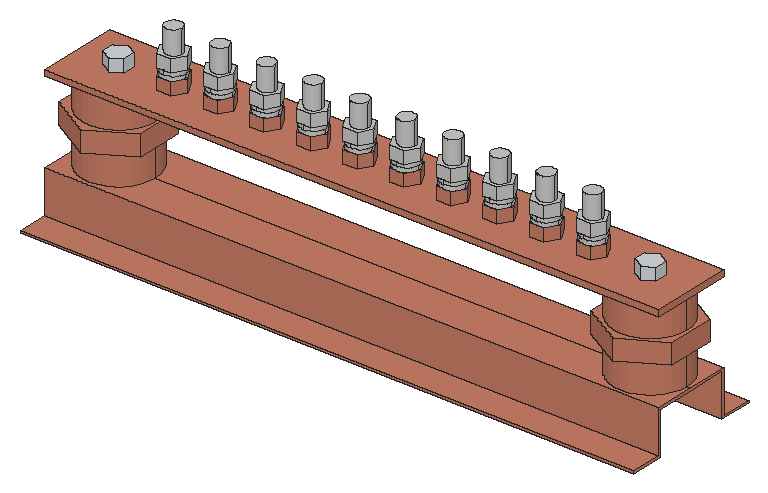
Revit family "FA_ГлавнаяЗаземпляющаяШина_10_88981_EZETEK", category Системы пожарной сигнализации, Revit 2017
Family settings
  Сохранять ориентацию аннотаций = Нет
  Размер круглого соединителя = Использовать радиус
  Тип детали = Нормальный
  На основе рабочей плоскости = Нет
  Всегда вертикально = Да
  При загрузке вырезать с полостями = Нет
  Общий = Нет
  Точка расчета площади = Нет
Parameters (values of type "ГлавнаяЗаземпляющаяШина_10_88981")
  Описание = "ГЗШ 10 подключений 300х40х4 мм, медь.\r\n\r\nГлавная заземляющая шина выполнена из меди, имеет габариты 40х4 мм, закрепляется на пластиковых изоляторах. Главная заземляющая шина объединяет нулевые защитные и нулевые рабочие совмещенные проводники питающей линии; выводы контура заземления; заземляющие проводники; проводники системы уравнивания потенциалов. Для присоединения проводников используются болты и гайки из нержавеющей стали. Главная заземляющая шина рассчитана на максимальный длительный ток 630 А.\r\n\r\nПодходит для шкафа на 300 мм."  # constant formula
  Производитель_Контакты = "ezetek@ezetek.ru"  # constant formula
  КолПодключений = 10
  Изготовитель = "Ezetek"  # constant formula
  Группа модели = "ГЗШ и шкафы ГЗШ"  # constant formula
  l = 22.8 mm
  URL = "https://ezetek.ru/"
  L = 260 mm
  ADSK_Этаж [instance] = ""
  ADSK_Размер_Длина = 300 mm
  ADSK_Примечание [instance] = ""
  ADSK_Позиция [instance] = ""
  ADSK_Обозначение = "88981"
  ADSK_Наименование краткое [instance] = "ГЗШ 10"
  ADSK_Наименование = "ГЗШ 10 подключений 300х40х4 мм, медь"
  ADSK_Материал = BIMLIB_Медь_EZETEK
  ADSK_Масса_Текст = "0.91"
  ADSK_Масса = 0.91
  ADSK_Марка = "88981"
  ADSK_Количество = 1  # constant formula
  ADSK_Код изделия = "88981"
  ADSK_Завод-изготовитель = "Ezetek"  # constant formula
  ADSK_Единица измерения = "шт."  # constant formula
  ADSK_Группирование [instance] = ""
  ADSK_Версия Revit = "2017"  # constant formula
  20 = yes
Reference planes
  plane 1 "По центру (Вперед/Назад)": y = 0
  plane 2: z = 0
  plane 3 "По центру (Влево/Вправо)": x = 0
  plane 4: x = -130
  plane 5: x = -150
  plane 6: x = 130
  plane 7: x = 150
  plane 8: y = 20
  plane 9: y = -20
  plane 10: z = 22
  plane 11: z = 62
  plane 12: z = 65
  plane 13: z = 92
  plane 14: y = 35
  plane 15: y = -35
  plane 16: z = 42
  plane 17: z = 37
  plane 18: z = 47
  plane 19: z = 71
Forms (mm)
  Extrusion 1, solid, material "BIMLIB_Медь_EZETEK" <- "ADSK_Материал", detail levels fine
    sketch origin (0, 0, 0) x (0, 1, 0) y (0, 0, 1)
      loop
        line (35, 0) -> (35, 1) -> (20, 1) -> (20, 22) -> (0, 22) -> (-20, 22) -> (-20, 1) -> (-35, 1) -> (-35, 0) -> (-19, 0) -> (-19, 21) -> (0, 21) -> (19, 21) -> (19, 0) -> (35, 0)
    from 150 to -150
  Extrusion 2, solid, material "BIMLIB_Медь_EZETEK" <- "ADSK_Материал", detail levels fine
    sketch origin (0, 0, 0) x (1, 0, 0) y (0, 1, 0)
      loop
        circle (-130, 0) r 18.032
      loop
        circle (130, 0) r 18.032
    from 62 to 22
  Extrusion 3, solid, material "BIMLIB_Медь_EZETEK" <- "ADSK_Материал", detail levels fine
    sketch origin (0, 0, 0) x (1, 0, 0) y (0, 1, 0)
      loop
        line (-150, 20) -> (-150, -20) -> (150, -20) -> (150, 20) -> (-150, 20)
    from 65 to 62
  Extrusion 4, solid, detail levels fine
    sketch origin (130, -130, 0) x (0, -1, 0) y (1, 0, 0)
      loop
        line (-136, 0) -> (-133, -5.196) -> (-127, -5.196) -> (-124, 0) -> (-127, 5.196) -> (-133, 5.196) -> (-136, 0)
    from 71 to 65
  Extrusion 5, solid, detail levels fine
    sketch origin (-130, 130, 0) x (0, 1, 0) y (-1, 0, 0)
      loop
        line (-124, 0) -> (-127, 5.196) -> (-133, 5.196) -> (-136, 0) -> (-133, -5.196) -> (-127, -5.196) -> (-124, 0)
    from 71 to 65
  Extrusion 6, solid, detail levels fine
    sketch origin (130, -130, 0) x (0, -1, 0) y (1, 0, 0)
      loop
        line (-136, 0) -> (-133, -5.196) -> (-127, -5.196) -> (-124, 0) -> (-127, 5.196) -> (-133, 5.196) -> (-136, 0)
    from 71 to 65
  Extrusion 7, solid, detail levels fine
    sketch origin (0, 0, 0) x (1, 0, 0) y (0, 1, 0)
      loop
        line (-130, 6) -> (-135.196, 3) -> (-135.196, -3) -> (-130, -6) -> (-124.804, -3) -> (-124.804, 3) -> (-130, 6)
    from 21 to 16
  Extrusion 8, solid, not visible, detail levels fine
    sketch origin (0, 0, 0) x (1, 0, 0) y (0, 1, 0)
      loop
        line (-130, 6) -> (-135.196, 3) -> (-135.196, -3) -> (-130, -6) -> (-124.804, -3) -> (-124.804, 3) -> (-130, 6)
    from 21 to 16
  Extrusion 9, solid, detail levels fine
    sketch origin (0, 0, 0) x (-1, 0, 0) y (0, -1, 0)
      loop
        line (-130, -6) -> (-124.804, -3) -> (-124.804, 3) -> (-130, 6) -> (-135.196, 3) -> (-135.196, -3) -> (-130, -6)
    from 21 to 16
  Extrusion 10, solid, material "BIMLIB_Медь_EZETEK" <- "ADSK_Материал", detail levels fine
    sketch origin (0, 0, 0) x (1, 0, 0) y (0, 1, 0)
      loop
        line (-130, 23) -> (-149.919, 11.5) -> (-149.919, -11.5) -> (-130, -23) -> (-110.081, -11.5) -> (-110.081, 11.5) -> (-130, 23)
    from 47 to 37
  Extrusion 11, solid, material "BIMLIB_Медь_EZETEK" <- "ADSK_Материал", not visible, detail levels fine
    sketch origin (0, 0, 0) x (1, 0, 0) y (0, 1, 0)
      loop
        line (-130, 23) -> (-149.919, 11.5) -> (-149.919, -11.5) -> (-130, -23) -> (-110.081, -11.5) -> (-110.081, 11.5) -> (-130, 23)
    from 47 to 37
  Extrusion 12, solid, material "BIMLIB_Медь_EZETEK" <- "ADSK_Материал", detail levels fine
    sketch origin (0, 0, 0) x (-1, 0, 0) y (0, -1, 0)
      loop
        line (-130, -23) -> (-110.081, -11.5) -> (-110.081, 11.5) -> (-130, 23) -> (-149.919, 11.5) -> (-149.919, -11.5) -> (-130, -23)
    from 47 to 37
  Extrusion 13, solid, material "BIMLIB_Сталь_Нержавеющая_EZETEK", visible <- "20", detail levels fine
    sketch origin (-103.058, 0, 0) x (1, 0, 0) y (0, 1, 0)
      loop
        circle (0, 0) r 4
    from 92 to 65
  Extrusion 14, solid, material "BIMLIB_Медь_EZETEK" <- "ADSK_Материал", visible <- "20", detail levels fine
    sketch origin (-103.058, 0, 0) x (1, 0, 0) y (0, 1, 0)
      loop
        line (3.441, -5.96) -> (6.881, 0) -> (3.441, 5.96) -> (-3.441, 5.96) -> (-6.881, 0) -> (-3.441, -5.96) -> (3.441, -5.96)
    from 62 to 56
  Extrusion 15, solid, material "BIMLIB_Медь_EZETEK" <- "ADSK_Материал", visible <- "20", detail levels fine
    sketch origin (-103.058, 0, 130) x (0, -1, 0) y (1, 0, 0)
      loop
        line (5.96, 3.441) -> (0, 6.881) -> (-5.96, 3.441) -> (-5.96, -3.441) -> (0, -6.881) -> (5.96, -3.441) -> (5.96, 3.441)
    from -59 to -65
  Extrusion 16, solid, material "BIMLIB_Сталь_Нержавеющая_EZETEK", visible <- "20", detail levels fine
    sketch origin (-103.058, 0, 130) x (0, -1, 0) y (1, 0, 0)
      loop
        line (5.96, 3.441) -> (0, 6.881) -> (-5.96, 3.441) -> (-5.96, -3.441) -> (0, -6.881) -> (5.96, -3.441) -> (5.96, 3.441)
    from -55 to -49
  Extrusion 17, solid, material "BIMLIB_Сталь_Нержавеющая_EZETEK", visible <- "20", detail levels fine
    sketch origin (-103.058, 0, 0) x (1, 0, 0) y (0, 1, 0)
      loop
        circle (0, 0) r 5.954
    from 73 to 71
  Extrusion 18, solid, material "BIMLIB_Сталь_Нержавеющая_EZETEK", visible <- "20", detail levels fine
    sketch origin (-103.058, 0, 146) x (0, -1, 0) y (1, 0, 0)
      loop
        circle (0, 0) r 5.954
    from -71 to -73
  Extrusion 19, solid, not visible, detail levels fine
    sketch origin (232.5, 130, 84) x (1, 0, 0) y (0, 1, 0)
      loop
        line (12, -136) -> (9, -130.804) -> (3, -130.804) -> (0, -136) -> (3, -141.196) -> (9, -141.196) -> (12, -136)
    from 71 to 65
  Extrusion 20, solid, material "BIMLIB_Сталь_Нержавеющая_EZETEK", visible <- "20", not visible, detail levels fine
    sketch origin (-205.558, 0, 0) x (1, 0, 0) y (0, 1, 0)
      loop
        circle (0, 0) r 4
    from 92 to 65
  Extrusion 21, solid, material "BIMLIB_Медь_EZETEK" <- "ADSK_Материал", visible <- "20", not visible, detail levels fine
    sketch origin (-205.558, 0, 0) x (1, 0, 0) y (0, 1, 0)
      loop
        line (3.441, -5.96) -> (6.881, 0) -> (3.441, 5.96) -> (-3.441, 5.96) -> (-6.881, 0) -> (-3.441, -5.96) -> (3.441, -5.96)
    from 62 to 56
  Extrusion 22, solid, material "BIMLIB_Медь_EZETEK" <- "ADSK_Материал", visible <- "20", not visible, detail levels fine
    sketch origin (-205.558, 0, 130) x (0, -1, 0) y (1, 0, 0)
      loop
        line (5.96, 3.441) -> (0, 6.881) -> (-5.96, 3.441) -> (-5.96, -3.441) -> (0, -6.881) -> (5.96, -3.441) -> (5.96, 3.441)
    from -59 to -65
  Extrusion 23, solid, material "BIMLIB_Сталь_Нержавеющая_EZETEK", visible <- "20", not visible, detail levels fine
    sketch origin (-205.558, 0, 130) x (0, -1, 0) y (1, 0, 0)
      loop
        line (5.96, 3.441) -> (0, 6.881) -> (-5.96, 3.441) -> (-5.96, -3.441) -> (0, -6.881) -> (5.96, -3.441) -> (5.96, 3.441)
    from -55 to -49
  Extrusion 24, solid, material "BIMLIB_Сталь_Нержавеющая_EZETEK", visible <- "20", not visible, detail levels fine
    sketch origin (-205.558, 0, 0) x (1, 0, 0) y (0, 1, 0)
      loop
        circle (0, 0) r 5.954
    from 73 to 71
  Extrusion 25, solid, material "BIMLIB_Сталь_Нержавеющая_EZETEK", visible <- "20", not visible, detail levels fine
    sketch origin (-205.558, 0, 146) x (0, -1, 0) y (1, 0, 0)
      loop
        circle (0, 0) r 5.954
    from -71 to -73
  Extrusion 26, solid, material "BIMLIB_Сталь_Нержавеющая_EZETEK", visible <- "20", detail levels fine
    sketch origin (102.142, 0, 0) x (1, 0, 0) y (0, 1, 0)
      loop
        circle (0, 0) r 4
    from 92 to 65
  Extrusion 27, solid, material "BIMLIB_Медь_EZETEK" <- "ADSK_Материал", visible <- "20", detail levels fine
    sketch origin (102.142, 0, 0) x (1, 0, 0) y (0, 1, 0)
      loop
        line (3.441, -5.96) -> (6.881, 0) -> (3.441, 5.96) -> (-3.441, 5.96) -> (-6.881, 0) -> (-3.441, -5.96) -> (3.441, -5.96)
    from 62 to 56
  Extrusion 28, solid, material "BIMLIB_Медь_EZETEK" <- "ADSK_Материал", visible <- "20", detail levels fine
    sketch origin (102.142, 0, 130) x (0, -1, 0) y (1, 0, 0)
      loop
        line (5.96, 3.441) -> (0, 6.881) -> (-5.96, 3.441) -> (-5.96, -3.441) -> (0, -6.881) -> (5.96, -3.441) -> (5.96, 3.441)
    from -59 to -65
  Extrusion 29, solid, material "BIMLIB_Сталь_Нержавеющая_EZETEK", visible <- "20", detail levels fine
    sketch origin (102.142, 0, 130) x (0, -1, 0) y (1, 0, 0)
      loop
        line (5.96, 3.441) -> (0, 6.881) -> (-5.96, 3.441) -> (-5.96, -3.441) -> (0, -6.881) -> (5.96, -3.441) -> (5.96, 3.441)
    from -55 to -49
  Extrusion 30, solid, material "BIMLIB_Сталь_Нержавеющая_EZETEK", visible <- "20", detail levels fine
    sketch origin (102.142, 0, 0) x (1, 0, 0) y (0, 1, 0)
      loop
        circle (0, 0) r 5.954
    from 73 to 71
  Extrusion 31, solid, material "BIMLIB_Сталь_Нержавеющая_EZETEK", visible <- "20", detail levels fine
    sketch origin (102.142, 0, 146) x (0, -1, 0) y (1, 0, 0)
      loop
        circle (0, 0) r 5.954
    from -71 to -73
  Extrusion 32, solid, material "BIMLIB_Сталь_Нержавеющая_EZETEK", visible <- "20", detail levels fine
    sketch origin (-80.258, 0, 0) x (1, 0, 0) y (0, 1, 0)
      loop
        circle (0, 0) r 4
    from 92 to 65
  Extrusion 33, solid, material "BIMLIB_Медь_EZETEK" <- "ADSK_Материал", visible <- "20", detail levels fine
    sketch origin (-80.258, 0, 0) x (1, 0, 0) y (0, 1, 0)
      loop
        line (3.441, -5.96) -> (6.881, 0) -> (3.441, 5.96) -> (-3.441, 5.96) -> (-6.881, 0) -> (-3.441, -5.96) -> (3.441, -5.96)
    from 62 to 56
  Extrusion 34, solid, material "BIMLIB_Медь_EZETEK" <- "ADSK_Материал", visible <- "20", detail levels fine
    sketch origin (-80.258, 0, 130) x (0, -1, 0) y (1, 0, 0)
      loop
        line (5.96, 3.441) -> (0, 6.881) -> (-5.96, 3.441) -> (-5.96, -3.441) -> (0, -6.881) -> (5.96, -3.441) -> (5.96, 3.441)
    from -59 to -65
  Extrusion 35, solid, material "BIMLIB_Сталь_Нержавеющая_EZETEK", visible <- "20", detail levels fine
    sketch origin (-80.258, 0, 130) x (0, -1, 0) y (1, 0, 0)
      loop
        line (5.96, 3.441) -> (0, 6.881) -> (-5.96, 3.441) -> (-5.96, -3.441) -> (0, -6.881) -> (5.96, -3.441) -> (5.96, 3.441)
    from -55 to -49
  Extrusion 36, solid, material "BIMLIB_Сталь_Нержавеющая_EZETEK", visible <- "20", detail levels fine
    sketch origin (-80.258, 0, 0) x (1, 0, 0) y (0, 1, 0)
      loop
        circle (0, 0) r 5.954
    from 73 to 71
  Extrusion 37, solid, material "BIMLIB_Сталь_Нержавеющая_EZETEK", visible <- "20", detail levels fine
    sketch origin (-80.258, 0, 146) x (0, -1, 0) y (1, 0, 0)
      loop
        circle (0, 0) r 5.954
    from -71 to -73
  Extrusion 38, solid, material "BIMLIB_Сталь_Нержавеющая_EZETEK", visible <- "20", detail levels fine
    sketch origin (-57.458, 0, 0) x (1, 0, 0) y (0, 1, 0)
      loop
        circle (0, 0) r 4
    from 92 to 65
  Extrusion 39, solid, material "BIMLIB_Медь_EZETEK" <- "ADSK_Материал", visible <- "20", detail levels fine
    sketch origin (-57.458, 0, 0) x (1, 0, 0) y (0, 1, 0)
      loop
        line (3.441, -5.96) -> (6.881, 0) -> (3.441, 5.96) -> (-3.441, 5.96) -> (-6.881, 0) -> (-3.441, -5.96) -> (3.441, -5.96)
    from 62 to 56
  Extrusion 40, solid, material "BIMLIB_Медь_EZETEK" <- "ADSK_Материал", visible <- "20", detail levels fine
    sketch origin (-57.458, 0, 130) x (0, -1, 0) y (1, 0, 0)
      loop
        line (5.96, 3.441) -> (0, 6.881) -> (-5.96, 3.441) -> (-5.96, -3.441) -> (0, -6.881) -> (5.96, -3.441) -> (5.96, 3.441)
    from -59 to -65
  Extrusion 41, solid, material "BIMLIB_Сталь_Нержавеющая_EZETEK", visible <- "20", detail levels fine
    sketch origin (-57.458, 0, 130) x (0, -1, 0) y (1, 0, 0)
      loop
        line (5.96, 3.441) -> (0, 6.881) -> (-5.96, 3.441) -> (-5.96, -3.441) -> (0, -6.881) -> (5.96, -3.441) -> (5.96, 3.441)
    from -55 to -49
  Extrusion 42, solid, material "BIMLIB_Сталь_Нержавеющая_EZETEK", visible <- "20", detail levels fine
    sketch origin (-57.458, 0, 0) x (1, 0, 0) y (0, 1, 0)
      loop
        circle (0, 0) r 5.954
    from 73 to 71
  Extrusion 43, solid, material "BIMLIB_Сталь_Нержавеющая_EZETEK", visible <- "20", detail levels fine
    sketch origin (-57.458, 0, 146) x (0, -1, 0) y (1, 0, 0)
      loop
        circle (0, 0) r 5.954
    from -71 to -73
  Extrusion 44, solid, material "BIMLIB_Сталь_Нержавеющая_EZETEK", visible <- "20", detail levels fine
    sketch origin (-34.658, 0, 0) x (1, 0, 0) y (0, 1, 0)
      loop
        circle (0, 0) r 4
    from 92 to 65
  Extrusion 45, solid, material "BIMLIB_Медь_EZETEK" <- "ADSK_Материал", visible <- "20", detail levels fine
    sketch origin (-34.658, 0, 0) x (1, 0, 0) y (0, 1, 0)
      loop
        line (3.441, -5.96) -> (6.881, 0) -> (3.441, 5.96) -> (-3.441, 5.96) -> (-6.881, 0) -> (-3.441, -5.96) -> (3.441, -5.96)
    from 62 to 56
  Extrusion 46, solid, material "BIMLIB_Медь_EZETEK" <- "ADSK_Материал", visible <- "20", detail levels fine
    sketch origin (-34.658, 0, 130) x (0, -1, 0) y (1, 0, 0)
      loop
        line (5.96, 3.441) -> (0, 6.881) -> (-5.96, 3.441) -> (-5.96, -3.441) -> (0, -6.881) -> (5.96, -3.441) -> (5.96, 3.441)
    from -59 to -65
  Extrusion 47, solid, material "BIMLIB_Сталь_Нержавеющая_EZETEK", visible <- "20", detail levels fine
    sketch origin (-34.658, 0, 130) x (0, -1, 0) y (1, 0, 0)
      loop
        line (5.96, 3.441) -> (0, 6.881) -> (-5.96, 3.441) -> (-5.96, -3.441) -> (0, -6.881) -> (5.96, -3.441) -> (5.96, 3.441)
    from -55 to -49
  Extrusion 48, solid, material "BIMLIB_Сталь_Нержавеющая_EZETEK", visible <- "20", detail levels fine
    sketch origin (-34.658, 0, 0) x (1, 0, 0) y (0, 1, 0)
      loop
        circle (0, 0) r 5.954
    from 73 to 71
  Extrusion 49, solid, material "BIMLIB_Сталь_Нержавеющая_EZETEK", visible <- "20", detail levels fine
    sketch origin (-34.658, 0, 146) x (0, -1, 0) y (1, 0, 0)
      loop
        circle (0, 0) r 5.954
    from -71 to -73
  Extrusion 50, solid, material "BIMLIB_Сталь_Нержавеющая_EZETEK", visible <- "20", detail levels fine
    sketch origin (-11.858, 0, 0) x (1, 0, 0) y (0, 1, 0)
      loop
        circle (0, 0) r 4
    from 92 to 65
  Extrusion 51, solid, material "BIMLIB_Медь_EZETEK" <- "ADSK_Материал", visible <- "20", detail levels fine
    sketch origin (-11.858, 0, 0) x (1, 0, 0) y (0, 1, 0)
      loop
        line (3.441, -5.96) -> (6.881, 0) -> (3.441, 5.96) -> (-3.441, 5.96) -> (-6.881, 0) -> (-3.441, -5.96) -> (3.441, -5.96)
    from 62 to 56
  Extrusion 52, solid, material "BIMLIB_Медь_EZETEK" <- "ADSK_Материал", visible <- "20", detail levels fine
    sketch origin (-11.858, 0, 130) x (0, -1, 0) y (1, 0, 0)
      loop
        line (5.96, 3.441) -> (0, 6.881) -> (-5.96, 3.441) -> (-5.96, -3.441) -> (0, -6.881) -> (5.96, -3.441) -> (5.96, 3.441)
    from -59 to -65
  Extrusion 53, solid, material "BIMLIB_Сталь_Нержавеющая_EZETEK", visible <- "20", detail levels fine
    sketch origin (-11.858, 0, 130) x (0, -1, 0) y (1, 0, 0)
      loop
        line (5.96, 3.441) -> (0, 6.881) -> (-5.96, 3.441) -> (-5.96, -3.441) -> (0, -6.881) -> (5.96, -3.441) -> (5.96, 3.441)
    from -55 to -49
  Extrusion 54, solid, material "BIMLIB_Сталь_Нержавеющая_EZETEK", visible <- "20", detail levels fine
    sketch origin (-11.858, 0, 0) x (1, 0, 0) y (0, 1, 0)
      loop
        circle (0, 0) r 5.954
    from 73 to 71
  Extrusion 55, solid, material "BIMLIB_Сталь_Нержавеющая_EZETEK", visible <- "20", detail levels fine
    sketch origin (-11.858, 0, 146) x (0, -1, 0) y (1, 0, 0)
      loop
        circle (0, 0) r 5.954
    from -71 to -73
  Extrusion 56, solid, material "BIMLIB_Сталь_Нержавеющая_EZETEK", visible <- "20", detail levels fine
    sketch origin (10.942, 0, 0) x (1, 0, 0) y (0, 1, 0)
      loop
        circle (0, 0) r 4
    from 92 to 65
  Extrusion 57, solid, material "BIMLIB_Медь_EZETEK" <- "ADSK_Материал", visible <- "20", detail levels fine
    sketch origin (10.942, 0, 0) x (1, 0, 0) y (0, 1, 0)
      loop
        line (3.441, -5.96) -> (6.881, 0) -> (3.441, 5.96) -> (-3.441, 5.96) -> (-6.881, 0) -> (-3.441, -5.96) -> (3.441, -5.96)
    from 62 to 56
  Extrusion 58, solid, material "BIMLIB_Медь_EZETEK" <- "ADSK_Материал", visible <- "20", detail levels fine
    sketch origin (10.942, 0, 130) x (0, -1, 0) y (1, 0, 0)
      loop
        line (5.96, 3.441) -> (0, 6.881) -> (-5.96, 3.441) -> (-5.96, -3.441) -> (0, -6.881) -> (5.96, -3.441) -> (5.96, 3.441)
    from -59 to -65
  Extrusion 59, solid, material "BIMLIB_Сталь_Нержавеющая_EZETEK", visible <- "20", detail levels fine
    sketch origin (10.942, 0, 130) x (0, -1, 0) y (1, 0, 0)
      loop
        line (5.96, 3.441) -> (0, 6.881) -> (-5.96, 3.441) -> (-5.96, -3.441) -> (0, -6.881) -> (5.96, -3.441) -> (5.96, 3.441)
    from -55 to -49
  Extrusion 60, solid, material "BIMLIB_Сталь_Нержавеющая_EZETEK", visible <- "20", detail levels fine
    sketch origin (10.942, 0, 0) x (1, 0, 0) y (0, 1, 0)
      loop
        circle (0, 0) r 5.954
    from 73 to 71
  Extrusion 61, solid, material "BIMLIB_Сталь_Нержавеющая_EZETEK", visible <- "20", detail levels fine
    sketch origin (10.942, 0, 146) x (0, -1, 0) y (1, 0, 0)
      loop
        circle (0, 0) r 5.954
    from -71 to -73
  Extrusion 62, solid, material "BIMLIB_Сталь_Нержавеющая_EZETEK", visible <- "20", detail levels fine
    sketch origin (33.742, 0, 0) x (1, 0, 0) y (0, 1, 0)
      loop
        circle (0, 0) r 4
    from 92 to 65
  Extrusion 63, solid, material "BIMLIB_Медь_EZETEK" <- "ADSK_Материал", visible <- "20", detail levels fine
    sketch origin (33.742, 0, 0) x (1, 0, 0) y (0, 1, 0)
      loop
        line (3.441, -5.96) -> (6.881, 0) -> (3.441, 5.96) -> (-3.441, 5.96) -> (-6.881, 0) -> (-3.441, -5.96) -> (3.441, -5.96)
    from 62 to 56
  Extrusion 64, solid, material "BIMLIB_Медь_EZETEK" <- "ADSK_Материал", visible <- "20", detail levels fine
    sketch origin (33.742, 0, 130) x (0, -1, 0) y (1, 0, 0)
      loop
        line (5.96, 3.441) -> (0, 6.881) -> (-5.96, 3.441) -> (-5.96, -3.441) -> (0, -6.881) -> (5.96, -3.441) -> (5.96, 3.441)
    from -59 to -65
  Extrusion 65, solid, material "BIMLIB_Сталь_Нержавеющая_EZETEK", visible <- "20", detail levels fine
    sketch origin (33.742, 0, 130) x (0, -1, 0) y (1, 0, 0)
      loop
        line (5.96, 3.441) -> (0, 6.881) -> (-5.96, 3.441) -> (-5.96, -3.441) -> (0, -6.881) -> (5.96, -3.441) -> (5.96, 3.441)
    from -55 to -49
  Extrusion 66, solid, material "BIMLIB_Сталь_Нержавеющая_EZETEK", visible <- "20", detail levels fine
    sketch origin (33.742, 0, 0) x (1, 0, 0) y (0, 1, 0)
      loop
        circle (0, 0) r 5.954
    from 73 to 71
  Extrusion 67, solid, material "BIMLIB_Сталь_Нержавеющая_EZETEK", visible <- "20", detail levels fine
    sketch origin (33.742, 0, 146) x (0, -1, 0) y (1, 0, 0)
      loop
        circle (0, 0) r 5.954
    from -71 to -73
  Extrusion 68, solid, material "BIMLIB_Сталь_Нержавеющая_EZETEK", visible <- "20", detail levels fine
    sketch origin (56.542, 0, 0) x (1, 0, 0) y (0, 1, 0)
      loop
        circle (0, 0) r 4
    from 92 to 65
  Extrusion 69, solid, material "BIMLIB_Медь_EZETEK" <- "ADSK_Материал", visible <- "20", detail levels fine
    sketch origin (56.542, 0, 0) x (1, 0, 0) y (0, 1, 0)
      loop
        line (3.441, -5.96) -> (6.881, 0) -> (3.441, 5.96) -> (-3.441, 5.96) -> (-6.881, 0) -> (-3.441, -5.96) -> (3.441, -5.96)
    from 62 to 56
  Extrusion 70, solid, material "BIMLIB_Медь_EZETEK" <- "ADSK_Материал", visible <- "20", detail levels fine
    sketch origin (56.542, 0, 130) x (0, -1, 0) y (1, 0, 0)
      loop
        line (5.96, 3.441) -> (0, 6.881) -> (-5.96, 3.441) -> (-5.96, -3.441) -> (0, -6.881) -> (5.96, -3.441) -> (5.96, 3.441)
    from -59 to -65
  Extrusion 71, solid, material "BIMLIB_Сталь_Нержавеющая_EZETEK", visible <- "20", detail levels fine
    sketch origin (56.542, 0, 130) x (0, -1, 0) y (1, 0, 0)
      loop
        line (5.96, 3.441) -> (0, 6.881) -> (-5.96, 3.441) -> (-5.96, -3.441) -> (0, -6.881) -> (5.96, -3.441) -> (5.96, 3.441)
    from -55 to -49
  Extrusion 72, solid, material "BIMLIB_Сталь_Нержавеющая_EZETEK", visible <- "20", detail levels fine
    sketch origin (56.542, 0, 0) x (1, 0, 0) y (0, 1, 0)
      loop
        circle (0, 0) r 5.954
    from 73 to 71
  Extrusion 73, solid, material "BIMLIB_Сталь_Нержавеющая_EZETEK", visible <- "20", detail levels fine
    sketch origin (56.542, 0, 146) x (0, -1, 0) y (1, 0, 0)
      loop
        circle (0, 0) r 5.954
    from -71 to -73
  Extrusion 74, solid, material "BIMLIB_Сталь_Нержавеющая_EZETEK", visible <- "20", detail levels fine
    sketch origin (79.342, 0, 0) x (1, 0, 0) y (0, 1, 0)
      loop
        circle (0, 0) r 4
    from 92 to 65
  Extrusion 75, solid, material "BIMLIB_Медь_EZETEK" <- "ADSK_Материал", visible <- "20", detail levels fine
    sketch origin (79.342, 0, 0) x (1, 0, 0) y (0, 1, 0)
      loop
        line (3.441, -5.96) -> (6.881, 0) -> (3.441, 5.96) -> (-3.441, 5.96) -> (-6.881, 0) -> (-3.441, -5.96) -> (3.441, -5.96)
    from 62 to 56
  Extrusion 76, solid, material "BIMLIB_Медь_EZETEK" <- "ADSK_Материал", visible <- "20", detail levels fine
    sketch origin (79.342, 0, 130) x (0, -1, 0) y (1, 0, 0)
      loop
        line (5.96, 3.441) -> (0, 6.881) -> (-5.96, 3.441) -> (-5.96, -3.441) -> (0, -6.881) -> (5.96, -3.441) -> (5.96, 3.441)
    from -59 to -65
  Extrusion 77, solid, material "BIMLIB_Сталь_Нержавеющая_EZETEK", visible <- "20", detail levels fine
    sketch origin (79.342, 0, 130) x (0, -1, 0) y (1, 0, 0)
      loop
        line (5.96, 3.441) -> (0, 6.881) -> (-5.96, 3.441) -> (-5.96, -3.441) -> (0, -6.881) -> (5.96, -3.441) -> (5.96, 3.441)
    from -55 to -49
  Extrusion 78, solid, material "BIMLIB_Сталь_Нержавеющая_EZETEK", visible <- "20", detail levels fine
    sketch origin (79.342, 0, 0) x (1, 0, 0) y (0, 1, 0)
      loop
        circle (0, 0) r 5.954
    from 73 to 71
  Extrusion 79, solid, material "BIMLIB_Сталь_Нержавеющая_EZETEK", visible <- "20", detail levels fine
    sketch origin (79.342, 0, 146) x (0, -1, 0) y (1, 0, 0)
      loop
        circle (0, 0) r 5.954
    from -71 to -73
Dimensions and locks
  locked: plane 1 "По центру (Вперед/Назад)" to plane 8 at 20
  locked: plane 1 "По центру (Вперед/Назад)" to plane 9 at 20
  locked: plane 10 to plane 2 at 22
  locked: plane 11 to plane 10 at 40
  locked: plane 12 to plane 11 at 3
  locked: plane 13 to plane 2 at 92
  locked: plane 14 to plane 1 "По центру (Вперед/Назад)" at 35
  locked: plane 15 to plane 1 "По центру (Вперед/Назад)" at 35
  equal spacing: plane 5, plane 3 "По центру (Влево/Вправо)", plane 7
  "ADSK_Размер_Длина": plane 5 to plane 7
  equal spacing: plane 11, plane 16, plane 10
  plane 19 to plane 12 = 6 mm
  locked: plane 4 to Extrusion 14 at 20.06
  equal spacing: plane 4, plane 3 "По центру (Влево/Вправо)", plane 6
  "L": plane 4 to plane 6
  equal spacing: group 11, group 14, group 15, group 16, group 17, group 18, group 19, group 20, group 21, group 13  (x3)
  "l": Extrusion 16 to Extrusion 35
  aligned and locked: level to plane 2
  aligned and locked: plane 7 to Extrusion 1
  aligned and locked: plane 5 to Extrusion 1
  aligned and locked: Extrusion 2 to plane 10
  aligned and locked: Extrusion 3 sketch curve to Extrusion 1  (x4)
  aligned and locked: plane 12 to Extrusion 3
  aligned and locked: Extrusion 3 to plane 11
  aligned and locked: plane 6 to Extrusion 4
  aligned and locked: Extrusion 7 to Extrusion 1
  aligned and locked: Extrusion 7 to plane 4
  aligned and locked: Extrusion 9 to plane 6
  aligned and locked: Extrusion 10 to plane 17
  aligned and locked: plane 6 to Extrusion 12
  aligned and locked: plane 13 to Extrusion 13
  aligned and locked: Extrusion 13 to plane 12
  aligned and locked: Extrusion 15 to plane 12
  aligned and locked: plane 19 to Extrusion 15
  aligned and locked: plane 4 to Extrusion 10
  aligned and locked: Extrusion 5 to plane 4
  aligned and locked: Extrusion 6 to plane 6
Automatic sketch dimensions
  Extrusion 4 sketch curve to Extrusion 4 sketch curve = 3 mm  (x3)
  Extrusion 4 sketch curve to Extrusion 4 sketch curve = 6 mm  (x2)
  Extrusion 4 sketch curve to Extrusion 4 sketch curve = 5.196 mm  (x3)
  Extrusion 5 sketch curve to Extrusion 5 sketch curve = 3 mm  (x3)
  Extrusion 5 sketch curve to Extrusion 5 sketch curve = 6 mm  (x2)
  Extrusion 5 sketch curve to Extrusion 5 sketch curve = 5.196 mm  (x3)
  Extrusion 6 sketch curve to Extrusion 6 sketch curve = 3 mm  (x3)
  Extrusion 6 sketch curve to Extrusion 6 sketch curve = 6 mm  (x2)
  Extrusion 6 sketch curve to Extrusion 6 sketch curve = 5.196 mm  (x3)
  Extrusion 7 sketch curve to Extrusion 7 sketch curve = 5.196 mm  (x3)
  Extrusion 7 sketch curve to Extrusion 7 sketch curve = 3 mm  (x3)
  Extrusion 7 sketch curve to Extrusion 7 sketch curve = 6 mm  (x2)
  Extrusion 8 sketch curve to Extrusion 8 sketch curve = 5.196 mm  (x3)
  Extrusion 8 sketch curve to Extrusion 8 sketch curve = 3 mm  (x3)
  Extrusion 8 sketch curve to Extrusion 8 sketch curve = 6 mm  (x2)
  Extrusion 9 sketch curve to Extrusion 9 sketch curve = 5.196 mm  (x3)
  Extrusion 9 sketch curve to Extrusion 9 sketch curve = 3 mm  (x3)
  Extrusion 9 sketch curve to Extrusion 9 sketch curve = 6 mm  (x2)
  Extrusion 10 sketch curve to Extrusion 10 sketch curve = 19.919 mm  (x3)
  Extrusion 10 sketch curve to Extrusion 10 sketch curve = 11.5 mm  (x3)
  Extrusion 10 sketch curve to Extrusion 10 sketch curve = 23 mm  (x2)
  Extrusion 11 sketch curve to Extrusion 11 sketch curve = 19.919 mm  (x3)
  Extrusion 11 sketch curve to Extrusion 11 sketch curve = 11.5 mm  (x3)
  Extrusion 11 sketch curve to Extrusion 11 sketch curve = 23 mm  (x2)
  Extrusion 12 sketch curve to Extrusion 12 sketch curve = 19.919 mm  (x3)
  Extrusion 12 sketch curve to Extrusion 12 sketch curve = 11.5 mm  (x3)
  Extrusion 12 sketch curve to Extrusion 12 sketch curve = 23 mm  (x2)
  Extrusion 1 sketch curve to level = 0 mm  (x2)
  Extrusion 1 sketch curve to plane 15 = 0 mm
  Extrusion 1 sketch curve to plane 9 = 0 mm
  Extrusion 1 sketch curve to plane 1 "По центру (Вперед/Назад)" = 0 mm  (x2)
  Extrusion 1 sketch curve to plane 8 = 0 mm
  Extrusion 1 sketch curve to plane 14 = 0 mm
  Extrusion 1 sketch curve to plane 10 = 0 mm
  Extrusion 1 sketch curve to plane 9 = 1 mm
  Extrusion 1 sketch curve to plane 8 = 1 mm
  level to Extrusion 1 sketch curve = 1 mm  (x2)
  Extrusion 1 sketch curve to plane 10 = 1 mm
  plane 1 "По центру (Вперед/Назад)" to Extrusion 2 sketch curve = 0 mm  (x2)
  Extrusion 2 sketch curve to plane 4 = 0 mm
  Extrusion 2 sketch curve to plane 6 = 0 mm
  Extrusion 15 sketch curve to Extrusion 15 sketch curve = 3.441 mm  (x4)
  Extrusion 14 sketch curve to Extrusion 14 sketch curve = 3.441 mm  (x3)
  Extrusion 14 sketch curve to Extrusion 14 sketch curve = 6.881 mm  (x2)
  Extrusion 14 sketch curve to Extrusion 14 sketch curve = 5.96 mm  (x3)
  Extrusion 15 sketch curve to Extrusion 15 sketch curve = 5.96 mm  (x3)
  Extrusion 15 sketch curve to Extrusion 15 sketch curve = 6.881 mm
  Extrusion 16 sketch curve to Extrusion 16 sketch curve = 5.96 mm  (x3)
  Extrusion 16 sketch curve to Extrusion 16 sketch curve = 3.441 mm  (x3)
  Extrusion 16 sketch curve to Extrusion 16 sketch curve = 6.881 mm  (x2)
  Extrusion 19 sketch curve to Extrusion 19 sketch curve = 5.196 mm  (x3)
  Extrusion 19 sketch curve to Extrusion 19 sketch curve = 0 mm  (x2)
  Extrusion 19 sketch curve to Extrusion 19 sketch curve = 3 mm  (x3)
  Extrusion 22 sketch curve to Extrusion 22 sketch curve = 3.441 mm  (x4)
  Extrusion 21 sketch curve to Extrusion 21 sketch curve = 3.441 mm  (x3)
  Extrusion 21 sketch curve to Extrusion 21 sketch curve = 6.881 mm  (x2)
  Extrusion 21 sketch curve to Extrusion 21 sketch curve = 5.96 mm  (x3)
  Extrusion 22 sketch curve to Extrusion 22 sketch curve = 5.96 mm  (x3)
  Extrusion 22 sketch curve to Extrusion 22 sketch curve = 6.881 mm
  Extrusion 23 sketch curve to Extrusion 23 sketch curve = 5.96 mm  (x3)
  Extrusion 23 sketch curve to Extrusion 23 sketch curve = 3.441 mm  (x3)
  Extrusion 23 sketch curve to Extrusion 23 sketch curve = 6.881 mm  (x2)
  Extrusion 28 sketch curve to Extrusion 28 sketch curve = 3.441 mm  (x4)
  Extrusion 27 sketch curve to Extrusion 27 sketch curve = 3.441 mm  (x3)
  Extrusion 27 sketch curve to Extrusion 27 sketch curve = 6.881 mm  (x2)
  Extrusion 27 sketch curve to Extrusion 27 sketch curve = 5.96 mm  (x3)
  Extrusion 28 sketch curve to Extrusion 28 sketch curve = 5.96 mm  (x3)
  Extrusion 28 sketch curve to Extrusion 28 sketch curve = 6.881 mm
  Extrusion 29 sketch curve to Extrusion 29 sketch curve = 5.96 mm  (x3)
  Extrusion 29 sketch curve to Extrusion 29 sketch curve = 3.441 mm  (x3)
  Extrusion 29 sketch curve to Extrusion 29 sketch curve = 6.881 mm  (x2)
  Extrusion 34 sketch curve to Extrusion 34 sketch curve = 3.441 mm  (x4)
  Extrusion 33 sketch curve to Extrusion 33 sketch curve = 3.441 mm  (x3)
  Extrusion 33 sketch curve to Extrusion 33 sketch curve = 6.881 mm  (x2)
  Extrusion 33 sketch curve to Extrusion 33 sketch curve = 5.96 mm  (x3)
  Extrusion 34 sketch curve to Extrusion 34 sketch curve = 5.96 mm  (x3)
  Extrusion 34 sketch curve to Extrusion 34 sketch curve = 6.881 mm
  Extrusion 35 sketch curve to Extrusion 35 sketch curve = 5.96 mm  (x3)
  Extrusion 35 sketch curve to Extrusion 35 sketch curve = 3.441 mm  (x3)
  Extrusion 35 sketch curve to Extrusion 35 sketch curve = 6.881 mm  (x2)
  Extrusion 40 sketch curve to Extrusion 40 sketch curve = 3.441 mm  (x4)
  Extrusion 39 sketch curve to Extrusion 39 sketch curve = 3.441 mm  (x3)
  Extrusion 39 sketch curve to Extrusion 39 sketch curve = 6.881 mm  (x2)
  Extrusion 39 sketch curve to Extrusion 39 sketch curve = 5.96 mm  (x3)
  Extrusion 40 sketch curve to Extrusion 40 sketch curve = 5.96 mm  (x3)
  Extrusion 40 sketch curve to Extrusion 40 sketch curve = 6.881 mm
  Extrusion 41 sketch curve to Extrusion 41 sketch curve = 5.96 mm  (x3)
  Extrusion 41 sketch curve to Extrusion 41 sketch curve = 3.441 mm  (x3)
  Extrusion 41 sketch curve to Extrusion 41 sketch curve = 6.881 mm  (x2)
  Extrusion 46 sketch curve to Extrusion 46 sketch curve = 3.441 mm  (x4)
  Extrusion 45 sketch curve to Extrusion 45 sketch curve = 3.441 mm  (x3)
  Extrusion 45 sketch curve to Extrusion 45 sketch curve = 6.881 mm  (x2)
  Extrusion 45 sketch curve to Extrusion 45 sketch curve = 5.96 mm  (x3)
  Extrusion 46 sketch curve to Extrusion 46 sketch curve = 5.96 mm  (x3)
  Extrusion 46 sketch curve to Extrusion 46 sketch curve = 6.881 mm
  Extrusion 47 sketch curve to Extrusion 47 sketch curve = 5.96 mm  (x3)
  Extrusion 47 sketch curve to Extrusion 47 sketch curve = 3.441 mm  (x3)
  Extrusion 47 sketch curve to Extrusion 47 sketch curve = 6.881 mm  (x2)
  Extrusion 52 sketch curve to Extrusion 52 sketch curve = 3.441 mm  (x4)
  Extrusion 51 sketch curve to Extrusion 51 sketch curve = 3.441 mm  (x3)
  Extrusion 51 sketch curve to Extrusion 51 sketch curve = 6.881 mm  (x2)
  Extrusion 51 sketch curve to Extrusion 51 sketch curve = 5.96 mm  (x3)
  Extrusion 52 sketch curve to Extrusion 52 sketch curve = 5.96 mm  (x3)
  Extrusion 52 sketch curve to Extrusion 52 sketch curve = 6.881 mm
  Extrusion 53 sketch curve to Extrusion 53 sketch curve = 5.96 mm  (x3)
  Extrusion 53 sketch curve to Extrusion 53 sketch curve = 3.441 mm  (x3)
  Extrusion 53 sketch curve to Extrusion 53 sketch curve = 6.881 mm  (x2)
  Extrusion 58 sketch curve to Extrusion 58 sketch curve = 3.441 mm  (x4)
  Extrusion 57 sketch curve to Extrusion 57 sketch curve = 3.441 mm  (x3)
  Extrusion 57 sketch curve to Extrusion 57 sketch curve = 6.881 mm  (x2)
  Extrusion 57 sketch curve to Extrusion 57 sketch curve = 5.96 mm  (x3)
  Extrusion 58 sketch curve to Extrusion 58 sketch curve = 5.96 mm  (x3)
  Extrusion 58 sketch curve to Extrusion 58 sketch curve = 6.881 mm
  Extrusion 59 sketch curve to Extrusion 59 sketch curve = 5.96 mm  (x3)
  Extrusion 59 sketch curve to Extrusion 59 sketch curve = 3.441 mm  (x3)
  Extrusion 59 sketch curve to Extrusion 59 sketch curve = 6.881 mm  (x2)
  Extrusion 64 sketch curve to Extrusion 64 sketch curve = 3.441 mm  (x4)
  Extrusion 63 sketch curve to Extrusion 63 sketch curve = 3.441 mm  (x3)
  Extrusion 63 sketch curve to Extrusion 63 sketch curve = 6.881 mm  (x2)
  Extrusion 63 sketch curve to Extrusion 63 sketch curve = 5.96 mm  (x3)
  Extrusion 64 sketch curve to Extrusion 64 sketch curve = 5.96 mm  (x3)
  Extrusion 64 sketch curve to Extrusion 64 sketch curve = 6.881 mm
  Extrusion 65 sketch curve to Extrusion 65 sketch curve = 5.96 mm  (x3)
  Extrusion 65 sketch curve to Extrusion 65 sketch curve = 3.441 mm  (x3)
  Extrusion 65 sketch curve to Extrusion 65 sketch curve = 6.881 mm  (x2)
  Extrusion 70 sketch curve to Extrusion 70 sketch curve = 3.441 mm  (x4)
  Extrusion 69 sketch curve to Extrusion 69 sketch curve = 3.441 mm  (x3)
  Extrusion 69 sketch curve to Extrusion 69 sketch curve = 6.881 mm  (x2)
  Extrusion 69 sketch curve to Extrusion 69 sketch curve = 5.96 mm  (x3)
  Extrusion 70 sketch curve to Extrusion 70 sketch curve = 5.96 mm  (x3)
  Extrusion 70 sketch curve to Extrusion 70 sketch curve = 6.881 mm
  Extrusion 71 sketch curve to Extrusion 71 sketch curve = 5.96 mm  (x3)
  Extrusion 71 sketch curve to Extrusion 71 sketch curve = 3.441 mm  (x3)
  Extrusion 71 sketch curve to Extrusion 71 sketch curve = 6.881 mm  (x2)
  Extrusion 76 sketch curve to Extrusion 76 sketch curve = 3.441 mm  (x4)
  Extrusion 75 sketch curve to Extrusion 75 sketch curve = 3.441 mm  (x3)
  Extrusion 75 sketch curve to Extrusion 75 sketch curve = 6.881 mm  (x2)
  Extrusion 75 sketch curve to Extrusion 75 sketch curve = 5.96 mm  (x3)
  Extrusion 76 sketch curve to Extrusion 76 sketch curve = 5.96 mm  (x3)
  Extrusion 76 sketch curve to Extrusion 76 sketch curve = 6.881 mm
  Extrusion 77 sketch curve to Extrusion 77 sketch curve = 5.96 mm  (x3)
  Extrusion 77 sketch curve to Extrusion 77 sketch curve = 3.441 mm  (x3)
  Extrusion 77 sketch curve to Extrusion 77 sketch curve = 6.881 mm  (x2)
  radius of Extrusion 2 sketch curve = 18.032 mm  (x2)
  radius of Extrusion 13 sketch curve = 4 mm
  radius of Extrusion 17 sketch curve = 5.954 mm
  radius of Extrusion 18 sketch curve = 5.954 mm
  radius of Extrusion 20 sketch curve = 4 mm
  radius of Extrusion 24 sketch curve = 5.954 mm
  radius of Extrusion 25 sketch curve = 5.954 mm
  radius of Extrusion 26 sketch curve = 4 mm
  radius of Extrusion 30 sketch curve = 5.954 mm
  radius of Extrusion 31 sketch curve = 5.954 mm
  radius of Extrusion 32 sketch curve = 4 mm
  radius of Extrusion 36 sketch curve = 5.954 mm
  radius of Extrusion 37 sketch curve = 5.954 mm
  radius of Extrusion 38 sketch curve = 4 mm
  radius of Extrusion 42 sketch curve = 5.954 mm
  radius of Extrusion 43 sketch curve = 5.954 mm
  radius of Extrusion 44 sketch curve = 4 mm
  radius of Extrusion 48 sketch curve = 5.954 mm
  radius of Extrusion 49 sketch curve = 5.954 mm
  radius of Extrusion 50 sketch curve = 4 mm
  radius of Extrusion 54 sketch curve = 5.954 mm
  radius of Extrusion 55 sketch curve = 5.954 mm
  radius of Extrusion 56 sketch curve = 4 mm
  radius of Extrusion 60 sketch curve = 5.954 mm
  radius of Extrusion 61 sketch curve = 5.954 mm
  radius of Extrusion 62 sketch curve = 4 mm
  radius of Extrusion 66 sketch curve = 5.954 mm
  radius of Extrusion 67 sketch curve = 5.954 mm
  radius of Extrusion 68 sketch curve = 4 mm
  radius of Extrusion 72 sketch curve = 5.954 mm
  radius of Extrusion 73 sketch curve = 5.954 mm
  radius of Extrusion 74 sketch curve = 4 mm
  radius of Extrusion 78 sketch curve = 5.954 mm
  radius of Extrusion 79 sketch curve = 5.954 mm
